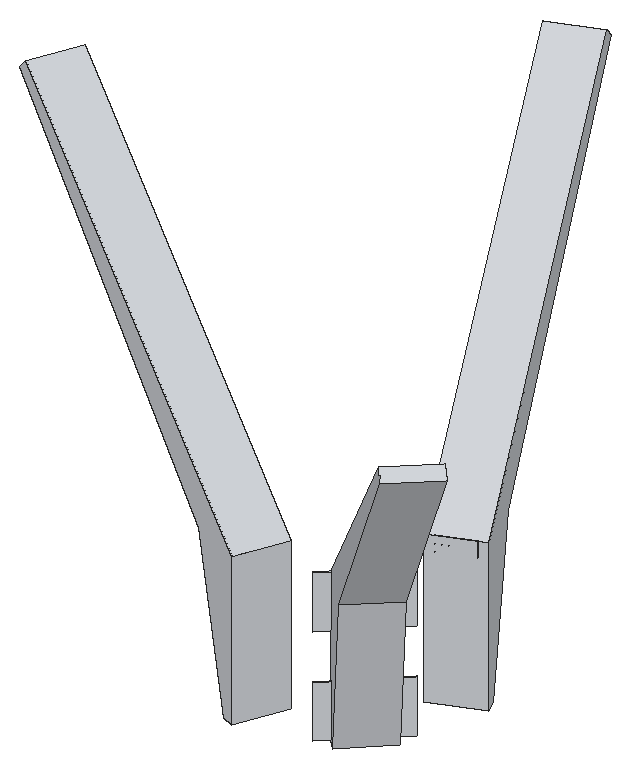
Revit family "Сборка насадок угол 135", category Специальное оборудование, Revit 2019
Family settings
  Размер круглого соединителя = Использовать диаметр
  Тип детали = Нормальный
  На основе рабочей плоскости = Нет
  Всегда вертикально = Да
  При загрузке вырезать с полостями = Нет
  Общий = Да
  Точка расчета площади = Нет
Parameters (values of type "На столбы 40x60")
  Ширина столба = 40 mm
  Центр насадки = Ширина столба / 2  # 20 mm
  Тип крепления насадок к столбам [instance] = 0
  Наружные насадки [instance] = yes
  Инструкция [instance] = "https://docs.google.com/document/d/1YU2zMc4EH5Wo240p8cADVhto8tMNmUbVgzn2qTnmTt8/edit?usp=sharing"
  Группа модели = "Насадки"  # constant formula
  Глубина столба = 60 mm
  ADSK_Наименование = "Сборка - угловые насадки"  # constant formula
Types (4, lengths in mm): name | Ширина столба | Центр насадки | Глубина столба
  На столбы 40x60 | 40 | 20 | 60
  На столбы 60x60 | 60 | 30 | 60
  На столбы 60x80 | 60 | 30 | 80
  На столбы 80x80 | 80 | 40 | 80
Reference planes
  plane 1 "По центру (Вперед/Назад)": y = 0
  plane 2: z = 0
  plane 3 "По центру (Влево/Вправо)": x = 0
  plane 4: z = 0
  plane 5: through (3.31, 106.684, 1200) normal (0.9239, 0.3827, 0)
  plane 6: through (-9.677, -43.492, 1200) normal (-0.3827, -0.9239, 0)
  plane 7: through (40.265, 121.991, 1200) normal (0.9239, 0.3827, 0)
  plane 8: through (8.324, 23.123, 1200) normal (-0.3827, 0.9239, 0)
  plane 9: through (-24.984, -80.447, 1200) normal (-0.3827, -0.9239, 0)
  plane 10: through (-23.123, -8.324, 1200) normal (0.9239, -0.3827, 0)
  plane 11: through (-14.637, 78.556, 1200) normal (-0.3827, 0.9239, 0)
  plane 12: through (-78.556, 14.637, 1200) normal (0.9239, -0.3827, 0)
Dimensions and locks
  "Ширина столба": plane 9 to plane 6
  "Глубина столба": plane 8 to plane 11
  "Ширина столба": plane 5 to plane 7
  "Центр насадки": plane 5 to nested 1
  "Центр насадки": plane 9 to nested 2
  "Центр насадки": nested 14 to plane 5
  "Глубина столба": plane 12 to plane 10
  angle nested 1 to nested 2 = 45.00°
  aligned and locked: level to plane 2
  aligned and locked: nested 4 to nested 2
  aligned and locked: nested 5 to nested 1
  aligned and locked: nested 5 to nested 8  (x2)
  aligned and locked: nested 8 to nested 9  (x2)
  aligned and locked: nested 4 to nested 7
  aligned and locked: nested 6 to nested 7  (x2)
  aligned and locked: nested 7 to nested 15
  aligned and locked: nested 8 to nested 14
  aligned and locked: nested 14 to nested 8  (x2)
  aligned and locked: nested 1 to plane 11
  aligned and locked: plane 12 to nested 2
  aligned and locked: plane 12 to nested 15
  aligned and locked: nested 14 to plane 11
  aligned and locked: nested 5 to plane 11
  aligned and locked: nested 9 to nested 8
  aligned and locked: nested 7 to nested 2
  aligned and locked: nested 15 to nested 2
Nested families
  nested 1: "В_Насадка L" at (29.104, 96.674, -175) x (0.9239, 0.3827, 0) z (0, 0, 1), visible <- "Наружные насадки", ADSK_Комплект <- "Группа модели", type "Насадка"
    with Насадка L ус 510 yes, ADSK_Обозначение "", ADSK_Наименование "Насадка L ус 510", ADSK_Масса 1.17, ADSK_Комплект "Насадки", ADSK_Код изделия "8928", ADSK_Завод-изготовитель "FENSYS", ADSK_Единица измерения "шт."
  nested 2: "В_Насадка L" at (-96.674, -29.104, -175) x (0.3827, 0.9239, 0) z (0, 0, 1), visible <- "Наружные насадки", ADSK_Комплект <- "Группа модели", type "Насадка"
    with Насадка L ус 510 yes, ADSK_Обозначение "", ADSK_Наименование "Насадка L ус 510", ADSK_Масса 1.17, ADSK_Комплект "Насадки", ADSK_Код изделия "8928", ADSK_Завод-изготовитель "FENSYS", ADSK_Единица измерения "шт."
  nested 3: "В_Угловая скоба" at (0.707, -0.707, 0) x (0.7071, 0.7071, 0) z (0, 0, 1), ADSK_Комплект <- "Группа модели", type "Угловая скоба"
    with S 95 mm, ADSK_Комплект "Насадки"
  nested 4: "В_Крепеж" at (-98.984, -28.147, -4.311) x (-0.3827, -0.9239, 0) z (0, 0, 1), Тип крепежа <- "Тип крепления насадок к столбам", visible <- "Наружные насадки", ADSK_Комплект <- "Группа модели", type "Крепеж"
    with Ширина столба 0 mm, Тип крепежа 0, Путь к таблице "Таблица крепежей", Видимость метизов yes, Y насадка no, ADSK_Обозначение "Крепеж", ADSK_Наименование "Хомут специальный 80", ADSK_Комплект "Насадки", ADSK_Количество 1, ADSK_Код изделия "15515К"
  nested 5: "В_Крепеж" at (28.147, 98.984, -4.311) x (-0.9239, -0.3827, 0) z (0, 0, 1), Тип крепежа <- "Тип крепления насадок к столбам", visible <- "Наружные насадки", ADSK_Комплект <- "Группа модели", type "Крепеж"
    with Ширина столба 0 mm, Тип крепежа 0, Путь к таблице "Таблица крепежей", Видимость метизов yes, Y насадка no, ADSK_Обозначение "Крепеж", ADSK_Наименование "Хомут специальный 80", ADSK_Комплект "Насадки", ADSK_Количество 1, ADSK_Код изделия "15515К"
  nested 6: "В_Крепеж" at (-108.223, -24.321, -4.311) x (-0.3827, -0.9239, 0) z (0, 0, 1), visible <- "Наружные насадки", ADSK_Комплект <- "Группа модели", type "Крепеж"
    with Ширина столба 0 mm, Тип крепежа 5, Путь к таблице "Таблица крепежей", Видимость метизов no, Y насадка no, ADSK_Обозначение "Крепеж", ADSK_Наименование "Комплект крепления СББ/ПББ к насадке (Болт М6х25 DIN 933 оц - 4 шт., Зажим для крепления струны/проволоки - 4 шт., Шайба D6 DIN 125 оц. - 8 шт.,  Гайка М6 кл.8.0 DIN 934 оц. - 4 шт.)", ADSK_Комплект "Насадки", ADSK_Количество 1, ADSK_Код изделия "8927"
  nested 7: "В_Крепеж" at (-103.603, -26.234, -4.311) x (-0.3827, -0.9239, 0) z (0, 0, 1), visible <- "Наружные насадки", ADSK_Комплект <- "Группа модели", type "Крепеж"
    with Ширина столба 0 mm, Тип крепежа 5, Путь к таблице "Таблица крепежей", Видимость метизов no, Y насадка no, ADSK_Обозначение "Крепеж", ADSK_Наименование "Комплект крепления СББ/ПББ к насадке (Болт М6х25 DIN 933 оц - 4 шт., Зажим для крепления струны/проволоки - 4 шт., Шайба D6 DIN 125 оц. - 8 шт.,  Гайка М6 кл.8.0 DIN 934 оц. - 4 шт.)", ADSK_Комплект "Насадки", ADSK_Количество 1, ADSK_Код изделия "8927"
  nested 8: "В_Крепеж" at (26.234, 103.603, -4.311) x (-0.9239, -0.3827, 0) z (0, 0, 1), visible <- "Наружные насадки", ADSK_Комплект <- "Группа модели", type "Крепеж"
    with Ширина столба 0 mm, Тип крепежа 5, Путь к таблице "Таблица крепежей", Видимость метизов no, Y насадка no, ADSK_Обозначение "Крепеж", ADSK_Наименование "Комплект крепления СББ/ПББ к насадке (Болт М6х25 DIN 933 оц - 4 шт., Зажим для крепления струны/проволоки - 4 шт., Шайба D6 DIN 125 оц. - 8 шт.,  Гайка М6 кл.8.0 DIN 934 оц. - 4 шт.)", ADSK_Комплект "Насадки", ADSK_Количество 1, ADSK_Код изделия "8927"
  nested 9: "В_Крепеж" at (24.321, 108.223, -4.311) x (-0.9239, -0.3827, 0) z (0, 0, 1), visible <- "Наружные насадки", ADSK_Комплект <- "Группа модели", type "Крепеж"
    with Ширина столба 0 mm, Тип крепежа 5, Путь к таблице "Таблица крепежей", Видимость метизов no, Y насадка no, ADSK_Обозначение "Крепеж", ADSK_Наименование "Комплект крепления СББ/ПББ к насадке (Болт М6х25 DIN 933 оц - 4 шт., Зажим для крепления струны/проволоки - 4 шт., Шайба D6 DIN 125 оц. - 8 шт.,  Гайка М6 кл.8.0 DIN 934 оц. - 4 шт.)", ADSK_Комплект "Насадки", ADSK_Количество 1, ADSK_Код изделия "8927"
  nested 10: "В_Насадка L" at (1.414, -1.414, -175) x (-0.7071, -0.7071, 0) z (0, 0, 1), ADSK_Комплект <- "Группа модели", type "Насадка"
    with Насадка L ус 510 yes, ADSK_Обозначение "", ADSK_Наименование "Насадка L ус 510", ADSK_Масса 1.17, ADSK_Комплект "Насадки", ADSK_Код изделия "8928", ADSK_Завод-изготовитель "FENSYS", ADSK_Единица измерения "шт."
  nested 11: "В_Крепеж" at (10.253, -10.253, -4.311) x (-0.7071, -0.7071, 0) z (0, 0, 1), ADSK_Комплект <- "Группа модели", type "Крепеж"
    with Ширина столба 0 mm, Тип крепежа 5, Путь к таблице "Таблица крепежей", Видимость метизов no, Y насадка no, ADSK_Обозначение "Крепеж", ADSK_Наименование "Комплект крепления СББ/ПББ к насадке (Болт М6х25 DIN 933 оц - 4 шт., Зажим для крепления струны/проволоки - 4 шт., Шайба D6 DIN 125 оц. - 8 шт.,  Гайка М6 кл.8.0 DIN 934 оц. - 4 шт.)", ADSK_Комплект "Насадки", ADSK_Количество 1, ADSK_Код изделия "8927"
  nested 12: "В_Крепеж" at (6.718, -6.718, -4.311) x (-0.7071, -0.7071, 0) z (0, 0, 1), ADSK_Комплект <- "Группа модели", type "Крепеж"
    with Ширина столба 0 mm, Тип крепежа 5, Путь к таблице "Таблица крепежей", Видимость метизов no, Y насадка no, ADSK_Обозначение "Крепеж", ADSK_Наименование "Комплект крепления СББ/ПББ к насадке (Болт М6х25 DIN 933 оц - 4 шт., Зажим для крепления струны/проволоки - 4 шт., Шайба D6 DIN 125 оц. - 8 шт.,  Гайка М6 кл.8.0 DIN 934 оц. - 4 шт.)", ADSK_Комплект "Насадки", ADSK_Количество 1, ADSK_Код изделия "8927"
  nested 13: "В_Метизы" at (-3.035, -3.035, 0) x (0.7071, 0.7071, 0) z (0, 0, 1), ADSK_Комплект <- "Группа модели", type "Метизы"
    with Тип крепежа 6, Путь к таблице "Таблица метизов", ADSK_Наименование "ГАЙКА M8 DIN 934 оц. - 4 шт.", ADSK_Комплект "Насадки", ADSK_Количество 1, ADSK_Код изделия "3562"
  nested 14: "В_Крепеж" at (28.147, 98.984, -12.934) x (-0.9239, -0.3827, 0) z (0, 0, 1), Тип крепежа <- "Тип крепления насадок к столбам", visible <- "Наружные насадки", ADSK_Комплект <- "Группа модели", type "Крепеж"
    with Ширина столба 0 mm, Тип крепежа 0, Путь к таблице "Таблица крепежей", Видимость метизов yes, Y насадка no, ADSK_Обозначение "Крепеж", ADSK_Наименование "Хомут специальный 80", ADSK_Комплект "Насадки", ADSK_Количество 1, ADSK_Код изделия "15515К"
  nested 15: "В_Крепеж" at (-98.984, -28.147, -12.934) x (-0.3827, -0.9239, 0) z (0, 0, 1), Тип крепежа <- "Тип крепления насадок к столбам", visible <- "Наружные насадки", ADSK_Комплект <- "Группа модели", type "Крепеж"
    with Ширина столба 0 mm, Тип крепежа 0, Путь к таблице "Таблица крепежей", Видимость метизов yes, Y насадка no, ADSK_Обозначение "Крепеж", ADSK_Наименование "Хомут специальный 80", ADSK_Комплект "Насадки", ADSK_Количество 1, ADSK_Код изделия "15515К"
  nested 16: "В_Угловая скоба" at (0.707, -0.707, -114.266) x (0.7071, 0.7071, 0) z (0, 0, 1), ADSK_Комплект <- "Группа модели", type "Угловая скоба"
    with S 95 mm, ADSK_Комплект "Насадки"
  nested 17: "В_Метизы" at (-3.767, -3.767, 0) x (0.7071, 0.7071, 0) z (0, 0, 1), ADSK_Комплект <- "Группа модели", type "Метизы"
    with Тип крепежа 2, Путь к таблице "Таблица метизов", ADSK_Наименование "Комплект метизов «В» для крепления скобы из нержавеющей стали (Винт М8х30 ISO 7380 А2   - 4 шт., Шайба D8 DIN 125 А2-70 - 4 шт.,Шайба 8 DIN 127 нерж.)", ADSK_Комплект "Насадки", ADSK_Количество 1, ADSK_Код изделия "8923"
  nested 18: "В_Метизы" at (-4.189, -4.189, 0) x (0.7071, 0.7071, 0) z (0, 0, 1), ADSK_Комплект <- "Группа модели", type "Метизы"
    with Тип крепежа 6, Путь к таблице "Таблица метизов", ADSK_Наименование "ГАЙКА M8 DIN 934 оц. - 4 шт.", ADSK_Комплект "Насадки", ADSK_Количество 1, ADSK_Код изделия "3562"
  nested 19: "В_Метизы" at (-8.36, -8.36, 0) x (0.7071, 0.7071, 0) z (0, 0, 1), ADSK_Комплект <- "Группа модели", type "Метизы"
    with Тип крепежа 2, Путь к таблице "Таблица метизов", ADSK_Наименование "Комплект метизов «В» для крепления скобы из нержавеющей стали (Винт М8х30 ISO 7380 А2   - 4 шт., Шайба D8 DIN 125 А2-70 - 4 шт.,Шайба 8 DIN 127 нерж.)", ADSK_Комплект "Насадки", ADSK_Количество 1, ADSK_Код изделия "8923"
  nested 20: "В_Метизы" at (-106.637, -46.625, -4.311) x (-0.3827, -0.9239, 0) z (0, 0, 1), type "Метизы"
    with Тип крепежа 0, Путь к таблице "Таблица метизов", ADSK_Наименование "Комплект крепежных элементов для хомута", ADSK_Комплект "Насадки", ADSK_Количество 1, ADSK_Код изделия "8920"
  nested 21: "В_Метизы" at (9.67, 91.33, -4.311) x (-0.9239, -0.3827, 0) z (0, 0, 1), type "Метизы"
    with Тип крепежа 0, Путь к таблице "Таблица метизов", ADSK_Наименование "Комплект крепежных элементов для хомута", ADSK_Комплект "Насадки", ADSK_Количество 1, ADSK_Код изделия "8920"
  nested 22: "В_Метизы" at (9.67, 91.33, -12.934) x (-0.9239, -0.3827, 0) z (0, 0, 1), type "Метизы"
    with Тип крепежа 0, Путь к таблице "Таблица метизов", ADSK_Наименование "Комплект крепежных элементов для хомута", ADSK_Комплект "Насадки", ADSK_Количество 1, ADSK_Код изделия "8920"
  nested 23: "В_Метизы" at (-106.637, -46.625, -12.934) x (-0.3827, -0.9239, 0) z (0, 0, 1), type "Метизы"
    with Тип крепежа 0, Путь к таблице "Таблица метизов", ADSK_Наименование "Комплект крепежных элементов для хомута", ADSK_Комплект "Насадки", ADSK_Количество 1, ADSK_Код изделия "8920"
Definition of nested family "В_Насадка L"
  Parameters (values of type "Насадка")
    Насадка L ус 510 [instance] = no
    URL = "https://www.fensys.ru/produkciya/elementy-usileniya.html"
    ADSK_Обозначение [instance] = ""
    ADSK_Наименование [instance] = if(Насадка L ус 510, "Насадка L ус 510", "Насадка L ус 325")  # "Насадка L ус 325"
    ADSK_Масса [instance] = if(Насадка L ус 510, 1.17, 0.82)  # 0.82
    ADSK_Комплект [instance] = ""
    ADSK_Количество = 1
    ADSK_Код изделия [instance] = if(Насадка L ус 510, "8928", "8938")  # "8938"
    ADSK_Завод-изготовитель [instance] = "FENSYS"  # constant formula
    ADSK_Единица измерения [instance] = "шт."  # constant formula
  Reference planes
    plane 1 "По центру (Вперед/Назад)": y = 0
    plane 2: z = 0
    plane 3 "По центру (Влево/Вправо)": x = 0
  Forms (mm)
    Extrusion 1, solid
      sketch origin (0, 0, 0) x (0, 1, 0) y (0, 0, 1)
        loop
          line (0, 0) -> (15, 0) -> (61.891, 175) -> (398.002, 488.686) -> (386.689, 500) -> (0, 175) -> (0, 0)
      from -30.5 to 30.5
  Dimensions and locks
    Extrusion 1 sketch curve to Extrusion 1 sketch curve = 175 mm
    Extrusion 1 sketch curve to Extrusion 1 sketch curve = 15 mm
    equal spacing: Extrusion 1, plane 3 "По центру (Влево/Вправо)", Extrusion 1
    locked: Extrusion 1 to Extrusion 1 at 61
    aligned and locked: level to plane 2
    aligned and locked: plane 1 "По центру (Вперед/Назад)" to Extrusion 1  (x2)
    aligned and locked: Extrusion 1 to level
  Automatic sketch dimensions
    Extrusion 1 sketch curve to plane 1 "По центру (Вперед/Назад)" = 0 mm
    Extrusion 1 sketch curve to level = 0 mm
    Extrusion 1 sketch curve to plane 1 "По центру (Вперед/Назад)" = 61.891 mm
    Extrusion 1 sketch curve to Extrusion 1 sketch curve = 0 mm
    Extrusion 1 sketch curve to Extrusion 1 sketch curve = 325 mm
    Extrusion 1 sketch curve to Extrusion 1 sketch curve = 11.314 mm  (x2)
    Extrusion 1 sketch curve to plane 1 "По центру (Вперед/Назад)" = 386.689 mm
Definition of nested family "В_Угловая скоба"
  Parameters (values of type "Угловая скоба")
    Model = ""
    S [instance] = 83 mm
    ADSK_Обозначение = "Крепеж окрашеный"  # constant formula
    ADSK_Наименование = "Скоба угловая для крепления насадки"  # constant formula
    ADSK_Комплект [instance] = ""
    ADSK_Количество = 1
    ADSK_Код изделия = "15293"  # constant formula
    ADSK_Завод-изготовитель = "FENSYS"  # constant formula
    ADSK_Единица измерения = "шт."  # constant formula
  Reference planes
    plane 1 "По центру (Вперед/Назад)": y = 0
    plane 2: z = 0
    plane 3 "По центру (Влево/Вправо)": x = 0
  Forms (mm)
    Extrusion 1, solid
      sketch origin (0, 0, 0) x (1, 0, 0) y (0, 1, 0)
        loop
          line (-41.5, 1) -> (-41.5, -1) -> (41.5, -1) -> (41.5, 1) -> (-41.5, 1)
      from -60.734 to 0
  Dimensions and locks
    equal spacing: Extrusion 1, plane 3 "По центру (Влево/Вправо)", Extrusion 1
    "S": Extrusion 1 to Extrusion 1
    aligned and locked: level to plane 2
  Automatic sketch dimensions
    Extrusion 1 sketch curve to plane 1 "По центру (Вперед/Назад)" = 1 mm
    Extrusion 1 sketch curve to plane 3 "По центру (Влево/Вправо)" = 41.5 mm
    plane 3 "По центру (Влево/Вправо)" to Extrusion 1 sketch curve = 41.5 mm
    plane 1 "По центру (Вперед/Назад)" to Extrusion 1 sketch curve = 1 mm
Definition of nested family "В_Крепеж"
  Parameters (values of type "Крепеж")
    Ширина столба [instance] = 0 mm
    Тип крепежа [instance] = 0
    Путь к таблице [instance] = "Таблица крепежей"  # constant formula
    Manufacturer = [ADSK_Завод-изготовитель]  # "FENSYS"
    Model = ""
    Видимость метизов [instance] = not(Тип крепежа = 5)  # yes
    Y насадка [instance] = yes
    URL = "https://www.fensys.ru/produkciya/krepyozh.html"
    ADSK_Обозначение [instance] = "Крепеж"  # constant formula
    ADSK_Наименование [instance] = size_lookup(Путь к таблице, "", "Не найдено", Тип крепежа)  # "Хомут специальный 80"
    ADSK_Комплект [instance] = ""
    ADSK_Количество [instance] = 1  # constant formula
    ADSK_Код изделия [instance] = size_lookup(Путь к таблице, "ADSK_Код изделия", "Не найдено", Тип крепежа)  # "15515К"
    ADSK_Завод-изготовитель = "FENSYS"  # constant formula
    ADSK_Единица измерения = "шт."  # constant formula
  Reference planes
    plane 1 "По центру (Вперед/Назад)": y = 0
    plane 2: z = 0
    plane 3 "По центру (Влево/Вправо)": x = 0
    plane 4: z = 0
  Forms (mm)
    Extrusion 1, solid
      sketch origin (0, -3, 0) x (1, 0, 0) y (0, 1, 0)
        loop
          line (-20, 5.5) -> (-20, 0.5) -> (20, 0.5) -> (20, 5.5) -> (-20, 5.5)
      from -4.311 to 4.311
  Dimensions and locks
    locked: Extrusion 1 sketch curve to Extrusion 1 sketch curve at 5
    locked: Extrusion 1 sketch curve to Extrusion 1 sketch curve at 40
    aligned and locked: level to plane 2
  Nested families
    nested 1: "В_Метизы" at (20, 0, 0), Тип крепежа <- "Тип крепежа", ADSK_Комплект <- "ADSK_Комплект", visible <- "Видимость метизов", type "Метизы"
      with Тип крепежа 0, Путь к таблице "Таблица метизов", ADSK_Наименование "Комплект крепежных элементов для хомута", ADSK_Комплект "", ADSK_Количество 1, ADSK_Код изделия "8920"
    nested 2: "В_Метизы" at (-20, 0, 0), visible <- "Y насадка", Тип крепежа <- "Тип крепежа", ADSK_Комплект <- "ADSK_Комплект", type "Метизы"
      with Тип крепежа 0, Путь к таблице "Таблица метизов", ADSK_Наименование "Комплект крепежных элементов для хомута", ADSK_Комплект "", ADSK_Количество 1, ADSK_Код изделия "8920"
  Definition of nested family "В_Метизы"
    Parameters (values of type "Метизы")
      Тип крепежа [instance] = 1
      Путь к таблице [instance] = "Таблица метизов"  # constant formula
      Manufacturer = [ADSK_Завод-изготовитель]  # "FENSYS"
      URL = "https://www.fensys.ru/produkciya/krepyozh.html"
      ADSK_Наименование [instance] = size_lookup(Путь к таблице, "", "Не найдено", Тип крепежа)  # "Комплект метизов «В» для крепления скобы F24 (Винт М6х30 ISO 7380 А2 - 4 шт., Шайба D6 DIN 125 А2 - 4 шт.,Шайба 6 DIN 127 А2 - 4 шт.)"
      ADSK_Комплект [instance] = "Ограждение"
      ADSK_Количество [instance] = 1  # constant formula
      ADSK_Код изделия [instance] = size_lookup(Путь к таблице, "ADSK_Код изделия", "Не найдено", Тип крепежа)  # "8932"
      ADSK_Завод-изготовитель = "FENSYS"  # constant formula
      ADSK_Единица измерения = "шт."  # constant formula
    Reference planes
      plane 1 "По центру (Вперед/Назад)": y = 0
      plane 2: z = 0
      plane 3 "По центру (Влево/Вправо)": x = 0
      plane 4: z = 0
    Lines and regions (mm)
      reference lines
        curve 1: circle (0, 0, 0) r 0.299 normal (0, -1, 0)
      model lines
        curve 2: circle (0, 0, 0) r 0.3 normal (0, -1, 0)
    Dimensions and locks
      aligned and locked: level to plane 2
Definition of nested family "В_Метизы"
  Parameters (values of type "Метизы")
    Тип крепежа [instance] = 1
    Путь к таблице [instance] = "Таблица метизов"  # constant formula
    Manufacturer = [ADSK_Завод-изготовитель]  # "FENSYS"
    URL = "https://www.fensys.ru/produkciya/krepyozh.html"
    ADSK_Наименование [instance] = size_lookup(Путь к таблице, "", "Не найдено", Тип крепежа)  # "Комплект метизов «В» для крепления скобы F24 (Винт М6х30 ISO 7380 А2 - 4 шт., Шайба D6 DIN 125 А2 - 4 шт.,Шайба 6 DIN 127 А2 - 4 шт.)"
    ADSK_Комплект [instance] = "Ограждение"
    ADSK_Количество [instance] = 1  # constant formula
    ADSK_Код изделия [instance] = size_lookup(Путь к таблице, "ADSK_Код изделия", "Не найдено", Тип крепежа)  # "8932"
    ADSK_Завод-изготовитель = "FENSYS"  # constant formula
    ADSK_Единица измерения = "шт."  # constant formula
  Reference planes
    plane 1 "По центру (Вперед/Назад)": y = 0
    plane 2: z = 0
    plane 3 "По центру (Влево/Вправо)": x = 0
    plane 4: z = 0
  Lines and regions (mm)
    reference lines
      curve 1: circle (0, 0, 0) r 0.299 normal (0, -1, 0)
    model lines
      curve 2: circle (0, 0, 0) r 0.3 normal (0, -1, 0)
  Dimensions and locks
    aligned and locked: level to plane 2
